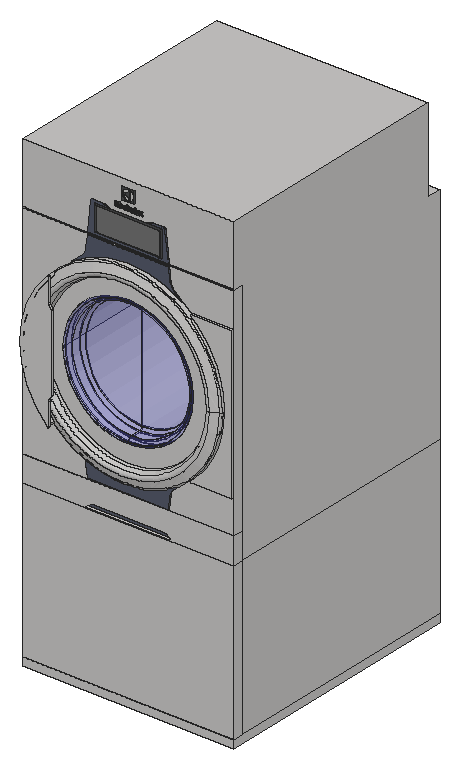
Revit family "QF_ELECTROLUXPROFESSIONAL_1L059Y_TD6-14_E", category Attrezzature speciali, Revit 2021
Family settings
  Quota connettore circolare = Usa diametro
  Tipo di parte = Normale
  Basato su piano di lavoro = No
  Sempre verticale = Sì
  Taglio con vuoti quando caricato = No
  Condiviso = No
  Punto di calcolo locali = No
Parameters (values of type "9873730125")
  Weight = 222
  Watts = 14500 W
  Volts = 440 V
  URL = "www.electroluxprofessional.com"
  Steam Pounds per Hour = 0
  Show Logo [instance] = yes
  Show Clearance [instance] = yes
  Sensible Heat Output = "0.0"
  Prospetto di default = 0 mm
  Produttore = "Electrolux Professional"
  Phase = 3
  Modello = "TD6-14"
  Length Actual = 790 mm
  Latent Heat Output = "0.0"
  Item Number = "1LSNXL"
  Height Actual = 1771 mm
  Gas KW = 0
  Direct Waste Size [instance] = 31.75 mm
  Descrizione = "TUMBLE DRYER TD6-14 MARINE 14KG SST DRUM EL 13,5KW 440/60/3 COMPASS PRO 6G82 EU SST/SILVER DO.LEFT STOP DISCON."
  Depth Actual = 965 mm
  Cycle = 60 Hz
  Corrente [instance] = "19.0"
Types (86, lengths in mm): name | Watts | Volts | Phase | Item Number | Direct Waste Size | Descrizione | Cycle | Corrente
  (no name) | 14500 W | 440 V | 3 | "1LSNXL" | 31.75 | "TUMBLE DRYER TD6-14 MARINE 14KG SST DRUM EL 13,5KW 440/60/3 COMPASS PRO 6G82 EU SST/SILVER DO.LEFT STOP DISCON." | 60 Hz | "19.0"
  9873730095 | 14500 W | 400 V | 3 | "1LSNF8" | 0 | "TUMBLE DRYER TD6-14 MARINE 14KG SST DRUM EL 13,5KW 400/50/3N COMPASS PRO 6G81 EU SILVER DO.LEFT.INS. MB DSC AFC STOP DIS" | 50 Hz | "21.0"
  9873730045 | 10000 W | 440 V | 3 | "1L0EFV" | 0 | "TUMBLE DRYER TD6-14 MARINE 14KG GALVA.DRUM EL 9KW 440/60/3 COMPASS PRO 6G82 SE SILVER DO.LEFT STOP DISCON." | 60 Hz | "13.1"
  9873730065 | 14500 W | 400 V | 3 | "1L80FS" | 0 | "TUMBLE DRYER TD6-14 14KG GALVA.DRUM EL 13,5KW 400/50/3N COMPASS PRO 6G81 EU SILVER DO.RIGHT MB STOP DISCON." | 50 Hz | "21.0"
  9873730075 | 14500 W | 400 V | 3 | "1L80GL" | 0 | "TUMBLE DRYER TD6-14 14KG SST DRUM EL 13,5KW 400/50/3 COMPASS PRO 6L80 EU SILVER DO.RIGHT EXT.PM. DISCON. 2.I/O" | 50 Hz | "21.0"
  9873730161 | 10000 W | 400 V | 3 | "1L0GDJ" | 0 | "TUMBLE DRYER TD6-14 14KG SST DRUM EL 9KW 400/50/3 COMPASS PRO 6L80 EU SILVER DO.RIGHT ELS-NETW. DISCON. 2.I/O" | 50 Hz | "14.5"
  9873730210 | 14600 W | 230 V | 3 | "1L0HEK" | 0 | "TUMBLE DRYER TD6-14 14KG SST DRUM EL 13,5KW 230/50/3 COMPASS PRO 6G81 EU SILVER DO.RIGHT MB STOP DISCON." | 50 Hz | "0.0"
  9873730111 | 14600 W | 230 V | 3 | "1LSNR6" | 0 | "TUMBLE DRYER TD6-14 14KG SST DRUM EL 13,5KW 230/60/3 COMPASS PRO 6G82 EU SILVER DO.RIGHT STOP DISCON." | 60 Hz | "36.7"
  9873730131 | 14500 W | 400 V | 3 | "1L0G28" | 0 | "TUMBLE DRYER TD6-14 MARINE 14KG SST DRUM EL 13,5KW 400/50/3 COMPASS PRO 6G82 EU SILVER DO.RIGHT STOP DISCON." | 50 Hz | "21.0"
  9873730081 | 14500 W | 400 V | 3 | "1LSN4T" | 0 | "TUMBLE DRYER TD6-14 MARINE 14KG GALVA.DRUM EL 13,5KW 400/50/3 COMPASS PRO 6G82 EU SILVER DO.RIGHT STOP DISCON." | 50 Hz | "21.0"
  9873730091 | 14500 W | 440 V | 3 | "1L0ELU" | 0 | "TUMBLE DRYER TD6-14 MARINE 14KG SST DRUM EL 13,5KW 440/60/3 COMPASS PRO 6G82 EU SILVER DO.LEFT STOP DISCON." | 60 Hz | "19.0"
  9873730194 | 14500 W | 480 V | 3 | "1LSPPY" | 0 | "TUMBLE DRYER TD6-14 MARINE 14KG SST DRUM EL 13,5KW 480/60/3 COMPASS PRO 6G82 EU SST DO.LEFT STOP DISCON. EXT.CONN." | 60 Hz | "0.0"
  9873730061 | 14600 W | 230 V | 3 | "1L80EJ" | 0 | "TUMBLE DRYER TD6-14 14KG SST DRUM EL 13,5KW 230/50/3 COMPASS PRO 6G82 EU SILVER DO.RIGHT STOP DISCON." | 50 Hz | "36.7"
  9873730071 | 7000 W | 230 V | 1 | "1L0EJ0" | 0 | "TUMBLE DRYER TD6-14 14KG GALVA.DRUM EL 6KW 230/50/1N COMPASS PRO 6G81 EU SILVER DO.RIGHT MB STOP DISCON." | 50 Hz | "30.4"
  9873730011 | 10000 W | 400 V | 3 | "1L0EE0" | 0 | "TUMBLE DRYER TD6-14 14KG GALVA.DRUM EL 9KW 400/50/3N COMPASS PRO 6A81 SE SILVER DO.LEFT.INS. MB DISCON. EXT.CONN." | 50 Hz | "14.5"
  9873730021 | 14500 W | 440 V | 3 | "1LSN3B" | 0 | "TUMBLE DRYER TD6-14 14KG GALVA.DRUM EL 13,5KW 440/60/3 COMPASS PRO 6G82 EU SST/SILVER DO.RIGHT.INS. STOP DISCON." | 60 Hz | "19.0"
  9873730154 | 14500 W | 400 V | 3 | "1LSPA9" | 0 | "TUMBLE DRYER TD6-14 14KG SST DRUM EL 13,5KW 400/50/3N COMPASS PRO 6L80 EU SILVER DO.RIGHT EXT.PM. DISCON. 2.I/O" | 50 Hz | "21.0"
  9873730164 | 14500 W | 400 V | 3 | "1L0GF2" | 0 | "TUMBLE DRYER TD6-14 14KG GALVA.DRUM EL 13,5KW 400/50/3N COMPASS PRO 6G82 EU SILVER DO.RIGHT AFC STOP DISCON." | 50 Hz | "21.0"
  9873730174 | 14500 W | 440 V | 3 | "1L0GPV" | 0 | "TUMBLE DRYER TD6-14 14KG GALVA.DRUM EL 13,5KW 440/60/3 COMPASS PRO 6L80 EU SILVER DO.RIGHT DISCON." | 60 Hz | "19.0"
  9873730104 | 14600 W | 230 V | 3 | "1L0FYE" | 0 | "TUMBLE DRYER TD6-14 MARINE 14KG GALVA.DRUM EL 13,5KW 230/60/3 COMPASS PRO 6G82 EU SST/SILVER DO.RIGHT STOP DISCON." | 60 Hz | "36.7"
  9873730114 | 14500 W | 400 V | 3 | "1LSNSA" | 0 | "TUMBLE DRYER TD6-14 14KG GALVA.DRUM EL 13,5KW 400/50/3N COMPASS PRO 6L80 EU SILVER DO.RIGHT DISCON." | 50 Hz | "21.0"
  9873730190 | 14500 W | 440 V | 3 | "1LSPPR" | 0 | "TUMBLE DRYER TD6-14 MARINE 14KG GALVA.DRUM EL 13,5KW 440/60/3 COMPASS PRO 6G82 SE SST/SILVER DO.LEFT STOP DISCON. EXT.CO" | 60 Hz | "0.0"
  9873730140 | 14500 W | 400 V | 3 | "1LA09J" | 0 | "TUMBLE DRYER TD6-14 14KG SST DRUM EL 13,5KW 400/50/3N COMPASS PRO 6G81 EU SST DO.RIGHT ELS-NETW. MB DSC AFC STOP DISCON." | 50 Hz | "21.0"
  9873730100 | 14500 W | 400 V | 3 | "1LSNGX" | 0 | "TUMBLE DRYER TD6-14 14KG GALVA.DRUM EL 13,5KW 400/50/3N COMPASS PRO 6A81 SE SILVER DO.LEFT MB AFC" | 50 Hz | "21.0"
  9873730089 | 14600 W | 230 V | 3 | "1LSN8G" | 0 | "TUMBLE DRYER TD6-14 MARINE 14KG GALVA.DRUM EL 13,5KW 230/60/3 COMPASS PRO 6G82 SE SILVER DO.LEFT STOP DISCON." | 60 Hz | "36.7"
  9873730099 | 14500 W | 400 V | 3 | "1LSNGW" | 0 | "TUMBLE DRYER TD6-14 14KG GALVA.DRUM EL 13,5KW 400/50/3N COMPASS PRO 6G81 EU SILVER DO.RIGHT MB AFC STOP DISCON." | 50 Hz | "21.0"
  9873730019 | 14500 W | 400 V | 3 | "1LSN2G" | 0 | "TUMBLE DRYER TD6-14 14KG GALVA.DRUM EL 13,5KW 400/50/3 COMPASS PRO 6G82 EU SILVER DO.RIGHT STOP DISCON." | 50 Hz | "21.0"
  9873730039 | 14500 W | 400 V | 3 | "1L0EE3" | 0 | "TUMBLE DRYER TD6-14 14KG GALVA.DRUM EL 13,5KW 400/50/3 COMPASS PRO 6G81 EU SILVER DO.RIGHT.INS. MB STOP DISCON. EXT.CONN" | 50 Hz | "21.0"
  9873730188 | 10000 W | 230 V | 3 | "1LSPPT" | 0 | "TUMBLE DRYER TD6-14 14KG GALVA.DRUM EL 9KW 230/60/3 COMPASS PRO 6G82 EU SILVER DO.RIGHT STOP DISCON. EXT.CONN." | 60 Hz | "0.0"
  9873730148 | 14500 W | 400 V | 3 | "1L0G9B" | 0 | "TUMBLE DRYER TD6-14 14KG SST DRUM EL 13,5KW 400/50/3N COMPASS PRO 6G81 EU SILVER DO.RIGHT.INS. MB STOP DISCON." | 50 Hz | "21.0"
  9873730168 | 10000 W | 230 V | 3 | "1LA21U" | 0 | "TUMBLE DRYER TD6-14 14KG GALVA.DRUM EL 9KW 230/50/3 COMPASS PRO 6G81 EU SILVER DO.RIGHT MB STOP DISCON." | 50 Hz | "25.1"
  9873730118 | 14500 W | 400 V | 3 | "1LSNV3" | 0 | "TUMBLE DRYER TD6-14 14KG GALVA.DRUM EL 13,5KW 400/60/3N COMPASS PRO 6G81 EU SILVER DO.RIGHT MB STOP DISCON." | 60 Hz | "21.0"
  9873730205 | 14500 W | 415 V | 3 | "1L0HC3" | 0 | "TUMBLE DRYER TD6-14 14KG GALVA.DRUM EL 13,5KW 415/50/3N COMPASS PRO 6G81 EU SST/SILVER DO.LEFT MB DSC STOP DISCON." | 50 Hz | "0.0"
  9873730096 | 14500 W | 400 V | 3 | "1LSNFX" | 0 | "TUMBLE DRYER TD6-14 14KG SST DRUM EL 13,5KW 400/60/3 COMPASS PRO 6G81 EU SILVER DO.RIGHT MB STOP DISCON." | 60 Hz | "21.0"
  9873730046 | 10000 W | 400 V | 3 | "1L0EG0" | 0 | "TUMBLE DRYER TD6-14 14KG SST DRUM EL 9KW 400/50/3N COMPASS PRO 6G81 EU SILVER DO.RIGHT MB STOP DISCON." | 50 Hz | "14.5"
  9873730056 | 10000 W | 230 V | 3 | "1L80DV" | 0 | "TUMBLE DRYER TD6-14 14KG GALVA.DRUM EL 9KW 230/50/3 COMPASS PRO 6G82 EU SILVER DO.RIGHT STOP DISCON. EXT.CONN." | 50 Hz | "25.1"
  9873730066 | 14500 W | 400 V | 3 | "1L80FT" | 0 | "TUMBLE DRYER TD6-14 14KG GALVA.DRUM EL 13,5KW 400/50/3N COMPASS PRO 6G81 EU SILVER DO.RIGHT MB STOP DISCON. EXT.CONN." | 50 Hz | "21.0"
  9873730076 | 14500 W | 400 V | 3 | "1L80GM" | 0 | "TUMBLE DRYER TD6-14 14KG GALVA.DRUM EL 13,5KW 400/50/3N COMPASS PRO 6A81 EU SILVER DO.RIGHT.INS. PREP.CB MB DISCON. 2.I/" | 50 Hz | "21.0"
  9873730082 | 14500 W | 400 V | 3 | "1LSN56" | 0 | "TUMBLE DRYER TD6-14 14KG GALVA.DRUM EL 13,5KW 400/50/3 COMPASS PRO 6L80 EU SILVER DO.RIGHT EXT.PM. DISCON. 2.I/O" | 50 Hz | "21.0"
  9873730042 | 14600 W | 230 V | 3 | "1L0EET" | 0 | "TUMBLE DRYER TD6-14 14KG GALVA.DRUM EL 13,5KW 230/50/3 COMPASS PRO 6G81 EU SILVER DO.RIGHT.INS. MB STOP DISCON. EXT.CONN" | 50 Hz | "36.7"
  9873730062 | 10000 W | 400 V | 3 | "1L80FA" | 0 | "TUMBLE DRYER TD6-14 14KG SST DRUM EL 9KW 400/60/3 COMPASS PRO 6L80 EU SILVER DO.RIGHT EXT.PM. DISCON. 2.I/O" | 60 Hz | "14.5"
  9873730072 | 14200 W | 115 V | 3 | "1L0EJE" | 0 | "TUMBLE DRYER TD6-14 14KG SST DRUM EL 13,2KW 115/60/3 COMPASS PRO 6L80 EU SILVER DO.RIGHT EXT.PM. DISCON. 2.I/O" | 60 Hz | "71.4"
  9873730012 | 14500 W | 400 V | 3 | "1L0E90" | 0 | "TUMBLE DRYER TD6-14 14KG GALVA.DRUM EL 13,5KW 400/50/3N COMPASS PRO 6G81 EU SILVER DO.RIGHT.INS. MB STOP DISCON. EXT.CON" | 50 Hz | "21.0"
  9873730022 | 14500 W | 400 V | 3 | "1LSN2J" | 0 | "TUMBLE DRYER TD6-14 14KG GALVA.DRUM EL 13,5KW 400/50/3N COMPASS PRO 6G81 EU SILVER DO.RIGHT ELS-NETW. MB STOP DISCON. EX" | 50 Hz | "21.0"
  9873730157 | 14500 W | 400 V | 3 | "1LSPAC" | 0 | "TUMBLE DRYER TD6-14 14KG GALVA.DRUM EL 13,5KW 400/50/3N COMPASS PRO 6G82 EU SILVER DO.RIGHT STOP DISCON." | 50 Hz | "21.0"
  9873730212 | 7000 W | 230 V | 1 | "1LT6CJ" | 0 | "TUMBLE DRYER TD6-14 14KG SST DRUM EL 6KW 230/50/1N COMPASS PRO 6G82 EU SILVER DO.RIGHT STOP DISCON." | 50 Hz | "0.0"
  9873730117 | 14500 W | 400 V | 3 | "1LSNSD" | 0 | "TUMBLE DRYER TD6-14 14KG SST DRUM EL 13,5KW 400/50/3 COMPASS PRO 6L80 EU SILVER DO.RIGHT DISCON." | 50 Hz | "21.0"
  9873730222 | 14500 W | 400 V | 3 | "1LT6T4" | 31.75 | "TUMBLE DRYER TD6-14 MARINE 14KG SST DRUM EL 13,5KW 400/50/3N COMPASS PRO 6G81 EU SILVER DO.LEFT MB DSC STOP DISCON." | 50 Hz | "0.0"
  9873730057 | 14600 W | 230 V | 3 | "1L80DW" | 31.75 | "TUMBLE DRYER TD6-14 14KG GALVA.DRUM EL 13,5KW 230/60/3 COMPASS PRO 6G81 EU SILVER DO.RIGHT MB STOP DISCON." | 60 Hz | "36.7"
  9873730207 | 7000 W | 230 V | 1 | "1L82D1" | 31.75 | "TUMBLE DRYER TD6-14 MARINE 14KG GALVA.DRUM EL 6KW 230/50/1N COMPASS PRO 6G81 EU SST/SILVER DO.RIGHT MB STOP DISCON." | 50 Hz | "0.0"
  9873730217 | 14500 W | 400 V | 3 | "1L0HH6" | 31.75 | "TUMBLE DRYER TD6-14 14KG SST DRUM EL 13,5KW 400/50/3N COMPASS PRO 6G81 EU SST DO.LEFT.INS. MB STOP DISCON. EXT.CONN." | 50 Hz | "0.0"
  9873730193 | 14500 W | 480 V | 3 | "1LSPPX" | 31.75 | "TUMBLE DRYER TD6-14 14KG GALVA.DRUM EL 13,5KW 480/60/3 COMPASS PRO 6G82 EU SILVER DO.LEFT ELS-NETW. STOP DISCON. EXT.CON" | 60 Hz | "0.0"
  9873730153 | 14500 W | 400 V | 3 | "1LSPA8" | 31.75 | "TUMBLE DRYER TD6-14 14KG GALVA.DRUM EL 13,5KW 400/50/3N COMPASS PRO 6L80 EU SILVER DO.RIGHT EXT.PM. DISCON. 2.I/O" | 50 Hz | "21.0"
  9873730088 | 10000 W | 400 V | 3 | "1LSN84" | 31.75 | "TUMBLE DRYER TD6-14 14KG SST DRUM EL 9KW 400/50/3 COMPASS PRO 6G81 EU SILVER DO.RIGHT MB STOP DISCON." | 50 Hz | "14.5"
  9873730133 | 14600 W | 230 V | 3 | "1LSNZG" | 31.75 | "TUMBLE DRYER TD6-14 14KG GALVA.DRUM EL 13,5KW 230/50/3 COMPASS PRO 6A81 EU SILVER DO.LEFT MB AFC DISCON." | 50 Hz | "36.7"
  9873730018 | 14500 W | 400 V | 3 | "1L0E96" | 31.75 | "TUMBLE DRYER TD6-14 14KG GALVA.DRUM EL 9KW 400/50/3N COMPASS PRO 6A81 SE SILVER DO.LEFT.INS. MB DSC AFC DISCON." | 50 Hz | "21.0"
  9873730038 | 14500 W | 440 V | 3 | "1L0EE1" | 31.75 | "TUMBLE DRYER TD6-14 MARINE 14KG GALVA.DRUM EL 13,5KW 440/60/3 COMPASS PRO 6G82 EU SILVER DO.RIGHT STOP DISCON." | 60 Hz | "19.0"
  9873730093 | 14500 W | 400 V | 3 | "1LSNBP" | 31.75 | "TUMBLE DRYER TD6-14 14KG SST DRUM EL 13,5KW 400/50/3 COMPASS PRO 6G81 EU SST/SILVER DO.LEFT MB STOP DISCON." | 50 Hz | "21.0"
  9873730073 | 14200 W | 115 V | 3 | "1L0EJF" | 31.75 | "TUMBLE DRYER TD6-14 MARINE 14KG SST DRUM EL 13,2KW 115/60/3 COMPASS PRO 6G82 EU SILVER DO.RIGHT STOP DISCON." | 60 Hz | "71.4"
  9873730146 | 14500 W | 400 V | 3 | "1L0GB2" | 31.75 | "TUMBLE DRYER TD6-14 14KG GALVA.DRUM EL 13,5KW 400/50/3N COMPASS PRO 6G81 EU SILVER DO.RIGHT MB STOP DISCON. EXT.CONN." | 50 Hz | "21.0"
  9873730156 | 14500 W | 400 V | 3 | "1LSPAB" | 31.75 | "TUMBLE DRYER TD6-14 14KG SST DRUM EL 13,5KW 400/50/3N COMPASS PRO 6G82 EU SILVER DO.RIGHT STOP DISCON." | 50 Hz | "21.0"
  9873730106 | 14500 W | 400 V | 3 | "1LSNN9" | 31.75 | "TUMBLE DRYER TD6-14 14KG GALVA.DRUM EL 13,5KW 400/50/3N COMPASS PRO 6G81 EU SILVER DO.RIGHT.INS. MB DSC AFC STOP DISCON." | 50 Hz | "21.0"
  9873730223 | 14500 W | 400 V | 3 | "1LT6T5" | 31.75 | "TUMBLE DRYER TD6-14 MARINE 14KG SST DRUM EL 13,5KW 400/50/3N COMPASS PRO 6G81 EU SILVER DO.LEFT.INS. MB DSC STOP DISCON." | 50 Hz | "0.0"
  9873730126 | 14500 W | 440 V | 3 | "1LSNY0" | 31.75 | "TUMBLE DRYER TD6-14 MARINE 14KG SST DRUM EL 13,5KW 440/60/3 COMPASS PRO 6G81 EU SILVER DO.RIGHT MB STOP DISCON." | 60 Hz | "19.0"
  9873730084 | 14500 W | 400 V | 3 | "1LSN60" | 31.75 | "TUMBLE DRYER TD6-14 14KG GALVA.DRUM EL 13,5KW 400/50/3N COMPASS PRO 6A81 EU SILVER DO.LEFT.INS. ELS-NETW. PREP.CB MB DIS" | 50 Hz | "21.0"
  9873730044 | 10000 W | 400 V | 3 | "1L0EFU" | 31.75 | "TUMBLE DRYER TD6-14 14KG GALVA.DRUM EL 9KW 400/50/3N COMPASS PRO 6A81 SE SILVER DO.LEFT MB EXT.CONN." | 50 Hz | "14.5"
  9873730054 | 14500 W | 440 V | 3 | "1L80DM" | 31.75 | "TUMBLE DRYER TD6-14 MARINE 14KG GALVA.DRUM EL 13,5KW 440/60/3 COMPASS PRO 6G82 SE SST/SILVER DO.LEFT STOP DISCON. EXT.CO" | 60 Hz | "19.0"
  9873730074 | 14500 W | 400 V | 3 | "1L0EK1" | 31.75 | "TUMBLE DRYER TD6-14 14KG SST DRUM EL 13,5KW 400/50/3N COMPASS PRO 6G82 EU SILVER DO.RIGHT STOP DISCON. EXT.CONN." | 50 Hz | "21.0"
  9873730159 | 14500 W | 400 V | 3 | "1LSPAW" | 31.75 | "TUMBLE DRYER TD6-14 MARINE 14KG SST DRUM EL 13,5KW 400/50/3 COMPASS PRO 6G82 SE SST DO.LEFT STOP DISCON. EXT.CONN." | 50 Hz | "21.0"
  9873730034 | 7000 W | 230 V | 1 | "1LSN3A" | 31.75 | "TUMBLE DRYER TD6-14 14KG GALVA.DRUM EL 6KW 230/50/1N COMPASS PRO 6G82 EU SILVER DO.RIGHT STOP DISCON." | 50 Hz | "30.4"
  9873730218 | 14500 W | 415 V | 3 | "1L0HJ5" | 31.75 | "TUMBLE DRYER TD6-14 MARINE 14KG SST DRUM EL 13,5KW 415/50/3 COMPASS PRO 6G81 EU SST DO.RIGHT MB STOP DISCON." | 50 Hz | "0.0"
  9873730119 | 14500 W | 400 V | 3 | "1LSNV4" | 31.75 | "TUMBLE DRYER TD6-14 14KG GALVA.DRUM EL 13,5KW 400/60/3N COMPASS PRO 6G82 EU SILVER DO.RIGHT STOP DISCON." | 60 Hz | "21.0"
  9873730129 | 14500 W | 400 V | 3 | "1L0G1U" | 31.75 | "TUMBLE DRYER TD6-14 14KG GALVA.DRUM EL 13,5KW 400/50/3N COMPASS PRO 6G81 EU SILVER DO.LEFT MB STOP DISCON." | 50 Hz | "21.0"
  9873730139 | 14500 W | 415 V | 3 | "1LSNZV" | 31.75 | "TUMBLE DRYER TD6-14 14KG SST DRUM EL 13,5KW 415/50/3N COMPASS PRO 6G81 EU SST DO.RIGHT.INS. MB STOP DISCON." | 50 Hz | "20.2"
  9873730179 | 14500 W | 240 V | 3 | "1LSPJH" | 31.75 | "TUMBLE DRYER TD6-14 14KG SST DRUM EL 13,5KW 208-240/60/3 COMPASS PRO 6G85 USA SST/SILVER DO.LEFT MB DISCON." | 60 Hz | "40.3"
  9873730182 | 14500 W | 400 V | 3 | "1L0GYY" | 31.75 | "TUMBLE DRYER TD6-14 14KG SST DRUM EL 13,5KW 400/50/3N COMPASS PRO 6G81 EU SILVER DO.RIGHT MB AFC STOP DISCON." | 50 Hz | "21.0"
  9873730192 | 14500 W | 480 V | 3 | "1LSPPW" | 31.75 | "TUMBLE DRYER TD6-14 MARINE 14KG GALVA.DRUM EL 13,5KW 480/60/3 COMPASS PRO 6G82 SE SST/SILVER DO.LEFT STOP DISCON. EXT.CO" | 60 Hz | "0.0"
  9873730162 | 14500 W | 400 V | 3 | "1LSPBV" | 31.75 | "TUMBLE DRYER TD6-14 MARINE 14KG SST DRUM EL 13,5KW 400/50/3 COMPASS PRO 6G82 SE SST/SILVER DO.LEFT STOP DISCON. EXT.CONN" | 50 Hz | "21.0"
  9873730112 | 10000 W | 400 V | 3 | "1LSNS8" | 31.75 | "TUMBLE DRYER TD6-14 14KG GALVA.DRUM EL 9KW 400/50/3N COMPASS PRO 6L80 EU SILVER DO.RIGHT DISCON." | 50 Hz | "14.5"
  9873730080 | 14500 W | 415 V | 3 | "1L80H9" | 31.75 | "TUMBLE DRYER TD6-14 14KG GALVA.DRUM EL 13,5KW 415/50/3N COMPASS PRO 6G82 EU SILVER DO.LEFT STOP DISCON." | 50 Hz | "20.2"
  9873730195 | 14500 W | 480 V | 3 | "1LSPPZ" | 31.75 | "TUMBLE DRYER TD6-14 MARINE 14KG SST DRUM EL 13,5KW 480/60/3 COMPASS PRO 6G82 EU SST DO.RIGHT STOP DISCON. EXT.CONN." | 60 Hz | "0.0"
  9873730070 | 14500 W | 400 V | 3 | "1L0EHZ" | 31.75 | "TUMBLE DRYER TD6-14 MARINE 14KG GALVA.DRUM EL 13,5KW 400/50/3 COMPASS PRO 6G82 SE SST/SILVER DO.LEFT STOP DISCON. EXT.CO" | 50 Hz | "21.0"
  9873730145 | 14500 W | 400 V | 3 | "1LSP6T" | 31.75 | "TUMBLE DRYER TD6-14 14KG SST DRUM EL 13,5KW 400/50/3N COMPASS PRO 6G81 EU SILVER DO.RIGHT MB STOP DISCON." | 50 Hz | "21.0"
  9873730020 | 14500 W | 400 V | 3 | "1LSN2H" | 31.75 | "TUMBLE DRYER TD6-14 14KG SST DRUM EL 13,5KW 400/50/3 COMPASS PRO 6G81 EU SILVER DO.RIGHT MB STOP DISCON." | 50 Hz | "21.0"
  9873730030 | 14500 W | 400 V | 3 | "1L0EDA" | 31.75 | "TUMBLE DRYER TD6-14 14KG SST DRUM EL 13,5KW 400/50/3 COMPASS PRO 6G82 EU SILVER DO.RIGHT STOP DISCON." | 50 Hz | "21.0"
  9873730125 | 14500 W | 440 V | 3 | "1LSNXL" | 31.75 | "TUMBLE DRYER TD6-14 MARINE 14KG SST DRUM EL 13,5KW 440/60/3 COMPASS PRO 6G82 EU SST/SILVER DO.LEFT STOP DISCON." | 60 Hz | "19.0"
Reference planes
  plane 1: z = 0
  plane 2 "BACK": y = 414.5
  plane 3 "FRONT": y = -549.5
  plane 4 "LEFT": x = -799
  plane 5 "RIGHT": x = -6
  plane 6 "TOP": z = 1771
  plane 7: y = -601.5
  plane 8: y = -1323.5
Forms (mm)
  Extrusion 1, solid, material "QF_Finishes_Stainless Steel"
    sketch origin (718.1, -398.1, 598.796) x (0, 0, -1) y (0, 1, 0)
      loop
        line (-14.704, 812.6) -> (-855.66, 812.6) -> (-855.66, 756.6) -> (-941.204, 756.6) -> (-941.204, -115.453) -> (-14.704, -115.453) -> (-14.704, 812.6)
    from -1517.1 to -724.1
  Extrusion 2, solid, material "QF_Finishes_Stainless Steel"
    sketch origin (718.1, -368.1, 598.796) x (0, 0, -1) y (0, 1, 0)
      loop
        line (568.796, -145.453) -> (568.796, 782.6) -> (-14.704, 782.6) -> (-14.704, -145.453) -> (568.796, -145.453)
    from -1517.1 to -724.1
  Sweep 3, solid, material "QF_Finishes_Black"
    path origin (686.327, -549.5, 1684.42) x (0, 0, -1) y (1, 0, 0)
      loop
        line (131.445, -962.809) -> (32.707, -962.809) -> (32.707, -1214.809) -> (131.445, -1214.809) -> (131.445, -962.809)
    profile origin (-276.482, -549.5, 1602.344) x (-1, 0, 0) y (0, -1, 0)
      loop
        line (5, 0) -> (5, 5)
        arc (5, 5) -> (1.464, 3.536) -> (0, 0) r 5
        line (0, 0) -> (5, 0)
  Extrusion 4, solid, material "QF_Finishes_Dark Grey"
    sketch origin (686.327, -549.5, 1684.42) x (0, 0, -1) y (1, 0, 0)
      loop
        line (126.445, -1209.809) -> (126.445, -967.809) -> (37.707, -967.809) -> (37.707, -1209.809) -> (126.445, -1209.809)
    from 0 to 4
  Extrusion 5, void
    sketch origin (889, -517.06, 1195.994) x (0, 0, -1) y (1, 0, 0)
      loop
        circle (69.994, -1291.5) r 245
    from -451.9 to 33.109
  Extrusion 6, solid, material "QF_Finishes_Stainless Steel"
    sketch origin (718.1, 358.5, 1540) x (0, 0, -1) y (-1, 0, 0)
      loop
        circle (43, 834.1) r 12.7
    from 0 to 5
  Extrusion 7, solid, material "QF_Finishes_Stainless Steel"
    sketch origin (653.455, 414.5, 172.018) x (0, 0, 1) y (1, 0, 0)
      loop
        circle (67.982, -1277.455) r 100
    from 0 to 5
  Extrusion 8, solid, material "QF_Finishes_Stainless Steel"
    sketch origin (-499, 0, 0) x (0, 1, 0) y (0, 0, 1)
      loop
        line (358.5, 1540) -> (358.5, 1771) -> (-549.5, 1771) -> (-549.5, 1541.816)
        arc (-549.5, 1541.816) -> (-548.968, 1540.532) -> (-547.684, 1540) r 1.816
        line (-547.684, 1540) -> (358.5, 1540)
    from -300 to 493
  Extrusion 9, solid, material "QF_Finishes_Stainless Steel"
    sketch origin (0, 0, 1114.3) x (-1, 0, 0) y (0, -1, 0)
      loop
        line (799, -414.5) -> (799, 549.5) -> (6, 549.5) -> (6, -414.5) -> (799, -414.5)
    from -1114.3 to -1084.3
  Extrusion 10, solid, material "QF_Finishes_Stainless Steel"
    sketch origin (-499, -118.96, 0) x (0, 1, 0) y (0, 0, 1)
      loop
        line (-394.593, 1540) -> (-430.54, 1540) -> (-430.54, 713.5) -> (-394.593, 713.5) -> (-394.593, 1540)
    from -300 to 493
  Extrusion 11, solid, material "QF_Finishes_Stainless Steel"
    sketch origin (-499, -118.96, 0) x (0, 1, 0) y (0, 0, 1)
      loop
        line (-430.54, 713.5) -> (-430.54, 613.5) -> (-394.593, 613.5) -> (-394.593, 713.5) -> (-430.54, 713.5)
    from -300 to 493
  Extrusion 12, solid, material "QF_Finishes_Stainless Steel"
    sketch origin (-499, -118.96, 0) x (0, 1, 0) y (0, 0, 1)
      loop
        line (-394.593, 613.5) -> (-430.54, 613.5) -> (-430.54, 30) -> (-394.593, 30) -> (-394.593, 613.5)
    from -300 to 493
  Sweep 13, solid, material "QF_Finishes_Stainless Steel"
    path origin (-409, -549.5, 1444.576) x (0, 0, -1) y (1, 0, 0)
      loop
        circle (318.576, 6.5) r 366.295
    profile origin (-402.5, -549.5, 1492.295) x (0, 0, -1) y (0, -1, 0)
      loop
        line (0, 0) -> (60.401, 0)
        arc (60.401, 0) -> (59.825, 6.814) -> (57.535, 13.257) r 26.651
        line (57.535, 13.257) -> (49.537, 28.994)
        arc (49.537, 28.994) -> (42.511, 35.32) -> (33.058, 35.302) r 13.156
        line (33.058, 35.302) -> (4.309, 24.168)
        arc (4.309, 24.168) -> (1.18, 21.691) -> (0, 17.88) r 6.744
        line (0, 17.88) -> (0, 0)
  Extrusion 14, solid, material "QF_Finishes_Stainless Steel"
    sketch origin (889, -689.525, 1195.994) x (0, 0, -1) y (1, 0, 0)
      loop
        line (353.669, -897.598) -> (-212.997, -897.549) -> (-213.01, -1046.361)
        arc (-213.01, -1046.361) -> (-212.131, -1048.481) -> (-210.011, -1049.36) r 2.999
        line (-210.011, -1049.36) -> (-204.852, -1049.36)
        arc (-204.852, -1049.36) -> (-80.8, -957.683) -> (69.994, -925.205) r 366.295
        arc (69.994, -925.205) -> (220.927, -957.746) -> (345.042, -1049.589) r 366.295
        line (345.042, -1049.589) -> (350.683, -1049.589)
        arc (350.683, -1049.589) -> (352.804, -1048.711) -> (353.682, -1046.59) r 2.999
        line (353.682, -1046.59) -> (353.669, -897.598)
    from -140.025 to -130.025
  Revolve 15, solid, material "QF_Door-Drawer Clearances", visible <- "Show Clearance", detail levels coarse
    sketch origin (889, -601.5, 1195.994) x (0, 0, -1) y (1, 0, 0)
      loop
        circle (69.994, -1291.5) r 366.295
      axis (69.994, -924.023) -> (68.994, -924.023)
    angle from 0 to -90
  Revolve 16, solid, material "QF_Finishes_Glass"
    sketch origin (-402.863, -289.313, 555.02) x (0, 1, 0) y (0, 0, 1)
      loop
        arc (-190.673, 783.338) -> (-195.066, 793.945) -> (-205.673, 798.338) r 15
        line (-205.673, 798.338) -> (-244.95, 798.338)
        arc (-244.95, 798.338) -> (-252.021, 801.267) -> (-254.95, 808.338) r 10
        line (-254.95, 808.338) -> (-254.95, 816.338) -> (-259.95, 816.338) -> (-259.95, 808.338)
        arc (-259.95, 808.338) -> (-255.556, 797.732) -> (-244.95, 793.338) r 15
        line (-244.95, 793.338) -> (-205.673, 793.338)
        arc (-205.673, 793.338) -> (-198.602, 790.409) -> (-195.673, 783.338) r 10
        line (-195.673, 783.338) -> (-195.673, 570.975) -> (-190.673, 570.975) -> (-190.673, 783.338)
      axis (-259.95, 570.975) -> (-190.673, 570.975)
    angle from 0 to 360
  Extrusion 17, solid, material "QF_Finishes_Stainless Steel"
    sketch origin (-529, -549.5, 1444.576) x (0, 0, -1) y (1, 0, 0)
      loop
        arc (176.622, -119.08) -> (174.216, -119.45) -> (172.033, -120.527) r 8
        line (172.033, -120.527) -> (158.099, -130.284)
        arc (158.099, -130.284) -> (155.934, -131.338) -> (153.554, -131.7) r 8
        line (153.554, -131.7) -> (65.736, -131.7)
        arc (65.736, -131.7) -> (63.285, -133.352) -> (63.896, -136.244) r 2.645
        arc (63.896, -136.244) -> (318.617, -239.419) -> (573.315, -136.187) r 365.919
        arc (573.315, -136.187) -> (573.918, -133.331) -> (571.497, -131.7) r 2.612
        line (571.497, -131.7) -> (483.599, -131.7)
        arc (483.599, -131.7) -> (481.193, -131.33) -> (479.01, -130.253) r 8
        line (479.01, -130.253) -> (465.119, -120.527)
        arc (465.119, -120.527) -> (462.936, -119.45) -> (460.53, -119.08) r 8
        line (460.53, -119.08) -> (176.622, -119.08)
    from 47.713 to 52
  Extrusion 18, solid, material "QF_Finishes_Stainless Steel"
    sketch origin (-529, -601.5, 1444.576) x (0, 0, -1) y (1, 0, 0)
      loop
        arc (63.896, -136.244) -> (318.617, -239.419) -> (573.315, -136.187) r 365.919
        line (573.315, -136.187) -> (563.547, -131.7)
        arc (563.547, -131.7) -> (318.584, -229.419) -> (73.616, -131.711) r 355.919
        line (73.616, -131.711) -> (63.896, -136.244)
    from -4.287 to -34.753
  Extrusion 19, void
    sketch origin (-401.334, -549.5, 611.842) x (0, 0, 1) y (1, 0, 0)
      loop
        arc (1.908, -169.725) -> (2.027, -168.962) -> (2.374, -168.272) r 2.499
        line (2.374, -168.272) -> (21.699, -140.672)
        arc (21.699, -140.672) -> (23.335, -137.382) -> (23.898, -133.751) r 11.994
        line (23.898, -133.751) -> (23.897, 130.467)
        arc (23.897, 130.467) -> (23.336, 134.095) -> (21.703, 137.383) r 11.994
        line (21.703, 137.383) -> (2.374, 164.988)
        arc (2.374, 164.988) -> (2.027, 165.678) -> (1.908, 166.441) r 2.499
        line (1.908, 166.441) -> (1.908, -169.725)
    from 0 to 13.427
  Extrusion 20, solid, material "QF_Finishes_Blue"
    sketch origin (-499, -549.5, 893.425) x (0, 0, 1) y (-1, 0, 0)
      loop
        arc (767.274, 37.584) -> (765.819, 41.099) -> (762.304, 42.555) r 4.971
        line (762.304, 42.555) -> (650.575, 54.795) -> (650.575, -247.832) -> (761.659, -235.663)
        arc (761.659, -235.663) -> (765.63, -234.018) -> (767.274, -230.047) r 5.615
        line (767.274, -230.047) -> (767.274, -186.505)
        arc (767.274, -186.505) -> (766.484, -180.953) -> (764.209, -175.828) r 20.351
        line (764.209, -175.828) -> (758.288, -166.304) -> (758.288, -222.518) -> (659.55, -222.518) -> (659.55, 29.482) -> (758.288, 29.482) -> (758.288, -26.732) -> (764.209, -17.208)
        arc (764.209, -17.208) -> (766.483, -12.086) -> (767.274, -6.538) r 20.35
        line (767.274, -6.538) -> (767.274, 37.584)
    from 0 to 1.6
  Extrusion 21, solid, material "QF_Finishes_Blue"
    sketch origin (-499, -549.5, 893.425) x (0, 0, 1) y (-1, 0, 0)
      loop
        arc (594.486, 60.933) -> (579.244, 65.533) -> (566.695, 75.331) r 43.3
        line (566.695, 75.331) -> (532.276, 114.098)
        arc (532.276, 114.098) -> (598.87, -96.026) -> (532.82, -306.322) r 366.295
        line (532.82, -306.322) -> (566.695, -268.167)
        arc (566.695, -268.167) -> (579.244, -258.37) -> (594.486, -253.77) r 43.3
        line (594.486, -253.77) -> (642.075, -248.6) -> (642.075, 55.764) -> (594.486, 60.933)
    from 0 to 1.6
  Extrusion 22, solid, material "QF_Finishes_Blue"
    sketch origin (-499, -549.5, 893.425) x (0, 0, 1) y (-1, 0, 0)
      loop
        line (-129.403, 60.926) -> (-176.925, 55.764) -> (-176.925, -248.6) -> (-129.403, -253.763)
        arc (-129.403, -253.763) -> (-114.123, -258.355) -> (-101.544, -268.169) r 43.3
        line (-101.544, -268.169) -> (-67.671, -306.321)
        arc (-67.671, -306.321) -> (-133.72, -96.026) -> (-67.127, 114.098) r 366.295
        line (-67.127, 114.098) -> (-101.544, 75.332)
        arc (-101.544, 75.332) -> (-114.123, 65.518) -> (-129.403, 60.926) r 43.3
    from 0 to 1.6
Cuts and joins
  Extrusion 5 cuts Extrusion 1
  Extrusion 5 cuts Extrusion 8
  joined: Extrusion 1, Extrusion 8
  Extrusion 5 cuts Extrusion 10
  Extrusion 19 cuts Extrusion 11
  joined: Sweep 13, Extrusion 14, Extrusion 17, Extrusion 18
Lines and regions (mm)
  Split face 1
    outline origin (-6, -549.5, 1540) x (-1, 0, 0) y (0, 0, -1)
      loop
        circle (396.5, 414) r 305.895
  symbolic lines
    curve 1: line (-6, 414.5, 1771) -> (-799, 414.5, 1771)
    curve 2: line (-799, -549.5, 1771) -> (-6, -549.5, 1771)
    curve 3: line (-6, 414.5, 0) -> (-6, -549.5, 0)
    curve 4: line (-799, 414.5, 0) -> (-799, -549.5, 0)
    curve 6: line (-6, 358.5, 0) -> (-799, 358.5, 0)
  symbolic lines, style "QF_Door-Drawer Clearances", visible <- "Show Clearance"
    curve 5: line (-6, -1323.5, 0) -> (-6, -549.5, 0)
    curve 7: arc (-768.795, -549.5, 0) -> (-549.88, -1096.63, 0) -> (-6, -1323.5, 0) r 761.144
  symbolic lines, style "SpecialityEquipment"
    curve 8: line (-8.549, -559.5, 0) -> (-8.549, -549.5, 0)
    curve 9: line (-160.36, -559.5, 0) -> (-8.549, -559.5, 0)
    curve 10: line (-160.36, -549.5, 0) -> (-160.36, -559.5, 0)
    curve 11: line (-768.419, -601.5, 0) -> (-659.284, -601.5, 0)
    curve 12: line (-659.284, -597.213, 0) -> (-758.419, -597.213, 0)
    curve 13: line (-758.419, -569.602, 0) -> (-758.419, -597.213, 0)
    curve 14: line (-659.284, -597.213, 0) -> (-659.284, -601.5, 0)
    curve 15: line (-768.419, -569.602, 0) -> (-758.419, -569.602, 0)
    curve 16: line (-74.013, -585.689, 0) -> (-758.419, -585.689, 0)
    curve 17: line (-768.419, -569.602, 0) -> (-768.419, -601.5, 0)
    curve 18: line (-40.513, -573.668, 0) -> (-758.419, -573.668, 0)
    curve 19: line (-768.795, -549.5, 0) -> (-768.795, -567.38, 0)
    curve 20: arc (-768.795, -567.38, 0) -> (-768.701, -568.507, 0) -> (-768.419, -569.602, 0) r 6.744
    curve 21: line (-36.205, -559.5, 0) -> (-36.205, -567.38, 0)
    curve 22: line (-40.513, -573.668, 0) -> (-69.262, -584.802, 0)
    curve 23: arc (-36.205, -567.38, 0) -> (-37.385, -571.191, 0) -> (-40.513, -573.668, 0) r 6.744
    curve 24: arc (-74.013, -585.689, 0) -> (-71.597, -585.465, 0) -> (-69.262, -584.802, 0) r 13.156
Dimensions and locks
  plane 4 "LEFT" to plane 5 "RIGHT" = 793 mm
  plane 2 "BACK" to plane 3 "FRONT" = 964 mm
  plane 6 "TOP" to level = 1771 mm
  Extrusion 2 to Extrusion 2 = 583.5 mm
  Extrusion 6 sketch curve to plane 6 "TOP" = 274 mm
  plane 5 "RIGHT" to Extrusion 6 sketch curve = 110 mm
  level to Extrusion 7 sketch curve = 240 mm
  Extrusion 7 sketch curve to plane 4 "LEFT" = 175 mm
  plane 2 "BACK" to plane 7 = 1016 mm
  plane 2 "BACK" to plane 8 = 1738 mm
  aligned and locked: level to plane 1
  aligned and locked: Extrusion 1 to plane 4 "LEFT"
  aligned and locked: plane 5 "RIGHT" to Extrusion 1
  aligned and locked: Extrusion 2 to plane 4 "LEFT"
  aligned and locked: plane 5 "RIGHT" to Extrusion 2
  aligned and locked: plane 5 "RIGHT" to Extrusion 8
  aligned and locked: Extrusion 8 to plane 4 "LEFT"
  aligned and locked: plane 5 "RIGHT" to Extrusion 12
  aligned and locked: Extrusion 12 to plane 4 "LEFT"
  aligned and locked: Extrusion 11 to plane 4 "LEFT"
  aligned and locked: plane 5 "RIGHT" to Extrusion 11
  aligned and locked: Extrusion 10 to plane 4 "LEFT"
  aligned and locked: plane 5 "RIGHT" to Extrusion 10
  aligned and locked: Extrusion 18 to Extrusion 17
  aligned and locked: plane 2 "BACK" to Extrusion 2
Nested families
  nested 1: "ELX_Logo_S_New" at (-415.511, -549.5, 1674.59) x (1, 0, 0) z (0, -1, 0), visible <- "Show Logo", type "ELX_Logo_S_New"
    with Material QF_Finishes_Black
  nested 2: "ELX_Logo_Symbol_S" at (-394.886, -549.5, 1729.274) x (-1, 0, 0) z (0, -1, 0), visible <- "Show Logo", type "ELX_Logo_Symbol_S"
    with Material QF_Finishes_Black
Connectors
  piping at (-624, 419.5, 240), diameter 200
    settings: on Extrusion 7, index 3, connector inside diameter 609.6 mm, connector length 0 mm, flow factor 0, pipe flow 0.0 L/s, pressure drop 0.0 Pa, fitting loss kfactor 0, connector angle 0.00°, fixture units 0, engagement length 0 mm, angle of deflection 0.00°, flow configuration 1, flow direction 2, fitting loss method 0, system type 7, joint type 0, gender type 0, connector reference index -1, connector utility 0, adjustable connector no, is connector primary yes, connector description "Exhaust Connection"
  electrical at (-116, 363.5, 1497)
    settings: on Extrusion 6, index 4, voltage 0 V, apparent load 0 VA, apparent load phase1 0 VA, apparent load phase2 0 VA, apparent load phase3 0 VA, power factor 1, load classification "Other", number of poles 1, system type 30, power factor state 1, is connector primary yes, connector utility no, sub classification motor no, connector description "Electrical Connection"
Definition of nested family "ELX_Logo_S_New"
  Parameters
    Material [instance] = none
    Default Elevation = 0 mm
  Reference planes
    plane 1 "Centro (Fronte/Retro)": y = 0
    plane 2: z = 0
    plane 3 "Centro (Sinistra/Destra)": x = 0
  Forms (mm)
    Extrusion 1, solid
      sketch origin (0, 0, 0) x (1, 0, 0) y (0, 1, 0)
        loop
          line (-1219.2, 1219.2) -> (-1219.2, -1219.2) -> (1219.2, -1219.2) -> (1219.2, 1219.2) -> (-1219.2, 1219.2)
      from 0 to -304.8
    Extrusion 2, solid, material <- "Material"
      sketch origin (0, 0, 0) x (1, 0, 0) y (0, 1, 0)
        loop
          spline (-31.006, -2.781) -> (-31.24, -2.771) -> (-31.49, -2.739) -> (-31.748, -2.68) -> (-32.009, -2.591) -> (-32.264, -2.469) -> (-32.508, -2.308) -> (-32.732, -2.105) -> (-32.932, -1.857) -> (-33.099, -1.559) -> (-33.226, -1.207) -> (-33.308, -0.798) -> (-33.337, -0.327)
          line (-33.337, -0.327) -> (-33.337, 1.761) -> (-26.444, 1.761) -> (-26.444, 4.423) -> (-33.338, 4.423) -> (-33.338, 8.299) -> (-26.005, 8.299) -> (-26.005, 10.954) -> (-36.159, 10.954) -> (-36.159, -0.206)
          spline (-36.159, -0.206) -> (-36.134, -0.893) -> (-36.057, -1.54) -> (-35.927, -2.145) -> (-35.743, -2.707) -> (-35.503, -3.222) -> (-35.206, -3.689) -> (-34.85, -4.106) -> (-34.433, -4.47) -> (-33.955, -4.779) -> (-33.414, -5.031) -> (-32.809, -5.223) -> (-32.137, -5.354)
          line (-32.137, -5.354) -> (-31.029, -5.433) -> (-25.809, -5.433) -> (-25.809, -2.781) -> (-31.006, -2.781)
        loop
          line (-23.804, 3.211) -> (-23.804, -5.437) -> (-20.982, -5.437) -> (-20.982, 10.958) -> (-23.804, 10.958) -> (-23.804, 3.211)
        loop
          spline (-7.052, -0.2) -> (-7.034, 0.688) -> (-7.119, 1.546) -> (-7.304, 2.368) -> (-7.586, 3.144) -> (-7.962, 3.868) -> (-8.426, 4.531) -> (-8.977, 5.126) -> (-9.61, 5.644) -> (-10.321, 6.077) -> (-11.107, 6.419) -> (-11.964, 6.66) -> (-12.889, 6.793)
          spline (-12.889, 6.793) -> (-13.767, 6.742) -> (-14.602, 6.592) -> (-15.387, 6.346) -> (-16.116, 6.008) -> (-16.782, 5.583) -> (-17.379, 5.073) -> (-17.902, 4.483) -> (-18.343, 3.816) -> (-18.697, 3.077) -> (-18.958, 2.269) -> (-19.119, 1.395) -> (-19.174, 0.46)
          spline (-19.174, 0.46) -> (-19.121, -0.452) -> (-18.964, -1.304) -> (-18.71, -2.094) -> (-18.362, -2.816) -> (-17.926, -3.468) -> (-17.406, -4.045) -> (-16.808, -4.544) -> (-16.137, -4.96) -> (-15.397, -5.291) -> (-14.594, -5.532) -> (-13.733, -5.679) -> (-12.817, -5.729)
          spline (-12.817, -5.729) -> (-12.371, -5.719) -> (-11.93, -5.685) -> (-11.493, -5.626) -> (-11.062, -5.54) -> (-10.636, -5.425) -> (-10.216, -5.277) -> (-9.8, -5.096) -> (-9.391, -4.879) -> (-8.987, -4.623) -> (-8.588, -4.326) -> (-8.196, -3.987) -> (-7.809, -3.603)
          line (-7.809, -3.603) -> (-9.51, -1.949)
          spline (-9.51, -1.949) -> (-9.734, -2.164) -> (-9.959, -2.362) -> (-10.188, -2.542) -> (-10.422, -2.703) -> (-10.662, -2.846) -> (-10.913, -2.971) -> (-11.174, -3.077) -> (-11.449, -3.163) -> (-11.739, -3.231) -> (-12.047, -3.28) -> (-12.374, -3.309) -> (-12.723, -3.319)
          spline (-12.723, -3.319) -> (-13.234, -3.294) -> (-13.713, -3.219) -> (-14.158, -3.098) -> (-14.568, -2.931) -> (-14.94, -2.72) -> (-15.272, -2.469) -> (-15.562, -2.177) -> (-15.809, -1.849) -> (-16.009, -1.485) -> (-16.162, -1.088) -> (-16.264, -0.659) -> (-16.314, -0.2)
          line (-16.314, -0.2) -> (-7.052, -0.2)
        loop
          spline (-9.888, 1.784) -> (-9.915, 2.133) -> (-9.995, 2.469) -> (-10.124, 2.788) -> (-10.298, 3.088) -> (-10.514, 3.365) -> (-10.768, 3.615) -> (-11.056, 3.836) -> (-11.376, 4.024) -> (-11.722, 4.176) -> (-12.092, 4.289) -> (-12.482, 4.359) -> (-12.889, 4.383)
          spline (-12.889, 4.383) -> (-13.325, 4.36) -> (-13.744, 4.291) -> (-14.144, 4.18) -> (-14.52, 4.03) -> (-14.868, 3.844) -> (-15.186, 3.624) -> (-15.469, 3.375) -> (-15.715, 3.099) -> (-15.919, 2.798) -> (-16.077, 2.477) -> (-16.186, 2.138) -> (-16.243, 1.784)
          line (-16.243, 1.784) -> (-9.888, 1.784)
        loop
          spline (-2.737, 0.532) -> (-2.704, 1.057) -> (-2.61, 1.555) -> (-2.457, 2.022) -> (-2.249, 2.455) -> (-1.991, 2.851) -> (-1.685, 3.205) -> (-1.336, 3.514) -> (-0.948, 3.775) -> (-0.524, 3.984) -> (-0.067, 4.138) -> (0.417, 4.233) -> (0.926, 4.265)
          spline (0.926, 4.265) -> (1.238, 4.255) -> (1.537, 4.226) -> (1.824, 4.178) -> (2.098, 4.112) -> (2.362, 4.027) -> (2.615, 3.925) -> (2.858, 3.806) -> (3.093, 3.67) -> (3.318, 3.518) -> (3.536, 3.349) -> (3.746, 3.165) -> (3.95, 2.966)
          line (3.95, 2.966) -> (5.699, 4.785)
          spline (5.699, 4.785) -> (5.351, 5.133) -> (4.992, 5.446) -> (4.624, 5.724) -> (4.246, 5.969) -> (3.859, 6.181) -> (3.463, 6.362) -> (3.059, 6.512) -> (2.646, 6.633) -> (2.226, 6.725) -> (1.8, 6.79) -> (1.366, 6.828) -> (0.926, 6.841)
          spline (0.926, 6.841) -> (0.044, 6.786) -> (-0.801, 6.626) -> (-1.601, 6.367) -> (-2.349, 6.014) -> (-3.037, 5.573) -> (-3.658, 5.051) -> (-4.204, 4.453) -> (-4.668, 3.785) -> (-5.041, 3.053) -> (-5.318, 2.263) -> (-5.489, 1.421) -> (-5.548, 0.532)
          spline (-5.548, 0.532) -> (-5.489, -0.357) -> (-5.318, -1.199) -> (-5.041, -1.989) -> (-4.668, -2.721) -> (-4.204, -3.389) -> (-3.658, -3.987) -> (-3.037, -4.509) -> (-2.349, -4.95) -> (-1.601, -5.303) -> (-0.801, -5.562) -> (0.044, -5.722) -> (0.926, -5.777)
          spline (0.926, -5.777) -> (1.366, -5.764) -> (1.8, -5.726) -> (2.226, -5.662) -> (2.646, -5.569) -> (3.059, -5.449) -> (3.463, -5.298) -> (3.859, -5.117) -> (4.246, -4.905) -> (4.624, -4.66) -> (4.992, -4.382) -> (5.351, -4.069) -> (5.699, -3.721)
          line (5.699, -3.721) -> (3.95, -1.902)
          spline (3.95, -1.902) -> (3.746, -2.101) -> (3.536, -2.285) -> (3.318, -2.453) -> (3.093, -2.606) -> (2.858, -2.742) -> (2.615, -2.861) -> (2.362, -2.964) -> (2.098, -3.048) -> (1.824, -3.114) -> (1.537, -3.162) -> (1.238, -3.191) -> (0.926, -3.201)
          spline (0.926, -3.201) -> (0.417, -3.169) -> (-0.067, -3.074) -> (-0.524, -2.92) -> (-0.948, -2.711) -> (-1.336, -2.45) -> (-1.685, -2.141) -> (-1.991, -1.787) -> (-2.249, -1.391) -> (-2.457, -0.958) -> (-2.61, -0.491) -> (-2.704, 0.007) -> (-2.737, 0.532)
        loop
          spline (12.895, -2.785) -> (12.646, -2.789) -> (12.379, -2.77) -> (12.102, -2.724) -> (11.82, -2.646) -> (11.542, -2.531) -> (11.274, -2.376) -> (11.024, -2.175) -> (10.797, -1.924) -> (10.602, -1.618) -> (10.445, -1.253) -> (10.334, -0.824) -> (10.275, -0.327)
          line (10.275, -0.327) -> (10.275, 3.855) -> (12.842, 3.855) -> (12.842, 6.419) -> (10.278, 6.419) -> (10.278, 10.958) -> (7.456, 10.958) -> (7.456, -0.488)
          spline (7.456, -0.488) -> (7.516, -1.152) -> (7.626, -1.776) -> (7.785, -2.359) -> (7.996, -2.899) -> (8.26, -3.392) -> (8.577, -3.837) -> (8.951, -4.232) -> (9.38, -4.575) -> (9.868, -4.864) -> (10.415, -5.096) -> (11.023, -5.27) -> (11.693, -5.383)
          line (11.693, -5.383) -> (12.885, -5.437) -> (12.895, -2.785)
        loop
          spline (22.391, 6.583) -> (21.903, 6.613) -> (21.433, 6.605) -> (20.982, 6.558) -> (20.553, 6.476) -> (20.145, 6.358) -> (19.76, 6.207) -> (19.401, 6.022) -> (19.067, 5.807) -> (18.76, 5.561) -> (18.482, 5.286) -> (18.234, 4.984) -> (18.016, 4.655)
          line (18.016, 4.655) -> (18.016, 6.418) -> (15.217, 6.418) -> (15.217, -5.437) -> (18.016, -5.437) -> (18.016, 0.797)
          spline (18.016, 0.797) -> (18.042, 1.269) -> (18.118, 1.71) -> (18.242, 2.117) -> (18.412, 2.488) -> (18.627, 2.822) -> (18.884, 3.117) -> (19.182, 3.371) -> (19.518, 3.583) -> (19.892, 3.751) -> (20.3, 3.873) -> (20.742, 3.947) -> (21.215, 3.972)
          line (21.215, 3.972) -> (22.391, 3.855) -> (22.391, 6.583)
        loop
          spline (35.761, 0.49) -> (35.702, 1.36) -> (35.53, 2.189) -> (35.253, 2.971) -> (34.878, 3.698) -> (34.414, 4.364) -> (33.867, 4.963) -> (33.246, 5.488) -> (32.558, 5.932) -> (31.811, 6.289) -> (31.013, 6.552) -> (30.171, 6.715) -> (29.293, 6.771)
          spline (29.293, 6.771) -> (28.409, 6.715) -> (27.564, 6.552) -> (26.763, 6.289) -> (26.016, 5.932) -> (25.328, 5.488) -> (24.708, 4.963) -> (24.163, 4.364) -> (23.701, 3.698) -> (23.328, 2.971) -> (23.053, 2.189) -> (22.882, 1.36) -> (22.823, 0.49)
          spline (22.823, 0.49) -> (22.882, -0.379) -> (23.053, -1.208) -> (23.328, -1.989) -> (23.701, -2.716) -> (24.163, -3.382) -> (24.708, -3.981) -> (25.328, -4.506) -> (26.016, -4.951) -> (26.763, -5.308) -> (27.564, -5.571) -> (28.409, -5.734) -> (29.293, -5.79)
          spline (29.293, -5.79) -> (30.171, -5.734) -> (31.013, -5.571) -> (31.811, -5.308) -> (32.558, -4.951) -> (33.246, -4.506) -> (33.867, -3.981) -> (34.414, -3.382) -> (34.878, -2.716) -> (35.253, -1.989) -> (35.53, -1.208) -> (35.702, -0.379) -> (35.761, 0.49)
        loop
          spline (32.961, 0.49) -> (32.929, 1.004) -> (32.833, 1.493) -> (32.679, 1.955) -> (32.47, 2.385) -> (32.21, 2.779) -> (31.903, 3.134) -> (31.553, 3.445) -> (31.164, 3.709) -> (30.739, 3.921) -> (30.283, 4.077) -> (29.8, 4.174) -> (29.293, 4.207)
          spline (29.293, 4.207) -> (28.781, 4.174) -> (28.294, 4.077) -> (27.836, 3.921) -> (27.411, 3.709) -> (27.022, 3.445) -> (26.673, 3.134) -> (26.368, 2.779) -> (26.11, 2.385) -> (25.903, 1.955) -> (25.75, 1.493) -> (25.656, 1.004) -> (25.624, 0.49)
          spline (25.624, 0.49) -> (25.656, -0.022) -> (25.75, -0.512) -> (25.903, -0.973) -> (26.11, -1.403) -> (26.368, -1.798) -> (26.673, -2.153) -> (27.022, -2.464) -> (27.411, -2.728) -> (27.836, -2.94) -> (28.294, -3.096) -> (28.781, -3.193) -> (29.293, -3.226)
          spline (29.293, -3.226) -> (29.8, -3.193) -> (30.283, -3.096) -> (30.739, -2.94) -> (31.164, -2.728) -> (31.553, -2.464) -> (31.903, -2.153) -> (32.21, -1.798) -> (32.47, -1.403) -> (32.679, -0.973) -> (32.833, -0.512) -> (32.929, -0.022) -> (32.961, 0.49)
        loop
          line (37.497, 3.493) -> (37.497, -5.437) -> (40.321, -5.437) -> (40.321, 10.958) -> (37.497, 10.958) -> (37.497, 3.493)
        loop
          line (50.501, 6.418) -> (50.501, -0.473)
          spline (50.501, -0.473) -> (50.478, -0.921) -> (50.412, -1.325) -> (50.305, -1.686) -> (50.159, -2.005) -> (49.978, -2.282) -> (49.763, -2.52) -> (49.517, -2.718) -> (49.243, -2.878) -> (48.943, -3.001) -> (48.619, -3.087) -> (48.275, -3.139) -> (47.913, -3.155)
          spline (47.913, -3.155) -> (47.55, -3.139) -> (47.206, -3.088) -> (46.883, -3.001) -> (46.583, -2.879) -> (46.309, -2.72) -> (46.063, -2.523) -> (45.849, -2.287) -> (45.667, -2.012) -> (45.522, -1.696) -> (45.414, -1.339) -> (45.348, -0.94) -> (45.326, -0.498)
          line (45.326, -0.498) -> (45.326, 6.418) -> (42.479, 6.418) -> (42.479, -0.733)
          spline (42.479, -0.733) -> (42.53, -1.543) -> (42.676, -2.28) -> (42.911, -2.945) -> (43.228, -3.537) -> (43.621, -4.058) -> (44.082, -4.508) -> (44.604, -4.888) -> (45.18, -5.197) -> (45.804, -5.437) -> (46.468, -5.607) -> (47.165, -5.709) -> (47.89, -5.743)
          spline (47.89, -5.743) -> (48.62, -5.709) -> (49.323, -5.605) -> (49.993, -5.432) -> (50.621, -5.189) -> (51.203, -4.875) -> (51.729, -4.491) -> (52.194, -4.034) -> (52.59, -3.506) -> (52.91, -2.905) -> (53.147, -2.231) -> (53.295, -1.484) -> (53.346, -0.662)
          line (53.346, -0.662) -> (53.346, 6.418) -> (50.501, 6.418)
        loop
          line (64.026, -1.646) -> (62.246, 0.843) -> (64.45, 3.846) -> (66.338, 6.418) -> (63.257, 6.418) -> (60.692, 2.866) -> (58.105, 6.418) -> (55.047, 6.418) -> (56.801, 4.02) -> (59.14, 0.82) -> (56.689, -2.595) -> (54.647, -5.437) -> (57.682, -5.437) -> (60.692, -1.25) -> (63.703, -5.437) -> (66.738, -5.437) -> (64.026, -1.646)
      from 0 to 1.644
  Dimensions and locks
    aligned and locked: plane 2 to Extrusion 1
    aligned and locked: level to Extrusion 1
Definition of nested family "ELX_Logo_Symbol_S"
  Parameters
    Material [instance] = none
    Default Elevation = 0 mm
  Reference planes
    plane 1 "Centro (Fronte/Retro)": y = 0
    plane 2: z = 0
    plane 3 "Centro (Sinistra/Destra)": x = 0
  Forms (mm)
    Extrusion 1, solid
      sketch origin (0, 0, 0) x (1, 0, 0) y (0, 1, 0)
        loop
          line (-1219.2, 1219.2) -> (-1219.2, -1219.2) -> (1219.2, -1219.2) -> (1219.2, 1219.2) -> (-1219.2, 1219.2)
      from 0 to -304.8
    Extrusion 2, solid, material <- "Material"
      sketch origin (94.462, 558.781, 0) x (1, 0, 0) y (0, 1, 0)
        loop
          line (-92.971, -571.574) -> (-92.971, -531.14)
          arc (-92.971, -531.14) -> (-107.917, -551.357) -> (-92.971, -571.574) r 21.146
        loop
          arc (-90.914, -571.574) -> (-74.098, -567.752) -> (-65.997, -552.529) r 20.723
          line (-65.997, -552.529) -> (-72.686, -552.529)
          arc (-72.686, -552.529) -> (-84.636, -557.38) -> (-90.914, -568.646) r 19.424
          line (-90.914, -568.646) -> (-90.914, -571.574)
        loop
          arc (-90.914, -534.068) -> (-84.636, -545.334) -> (-72.686, -550.185) r 19.424
          line (-72.686, -550.185) -> (-65.997, -550.185)
          arc (-65.997, -550.185) -> (-74.085, -534.837) -> (-90.914, -530.621) r 21.265
          line (-90.914, -530.621) -> (-90.914, -534.068)
        loop
          line (-64.462, -573.781) -> (-64.462, -528.842) -> (-109.462, -528.842) -> (-109.462, -573.781) -> (-64.462, -573.781)
      from 0 to 1.644
  Dimensions and locks
    aligned and locked: plane 2 to Extrusion 1
    aligned and locked: level to Extrusion 1
